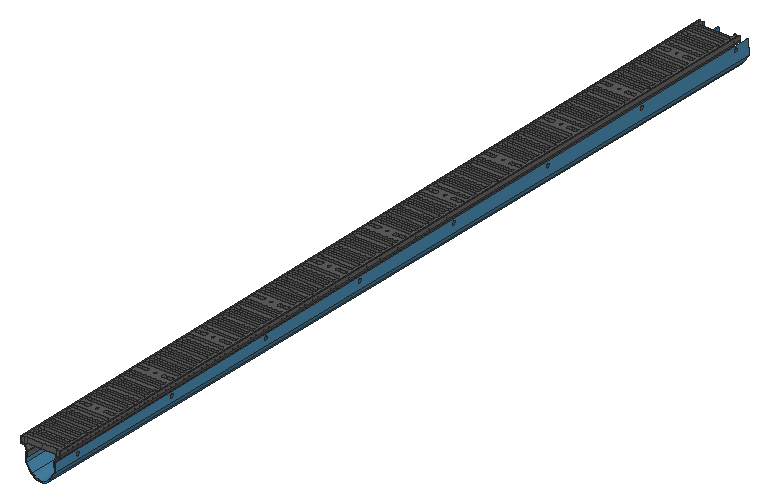
Revit family "Drain_Trench_Polymer_6-Inch_Wide_Reveal-Zurn-ZF806", category Plumbing Fixtures, Revit 2022
Family settings
  Round Connector Dimension = Use Diameter
  Part Type = Normal
  OmniClass Number = 23.70.50.21.24.14
  OmniClass Title = Deck Waste Water Drains
  Work Plane-Based = No
  Always vertical = Yes
  Cut with Voids When Loaded = No
  Maintain Annotation Orientation = No
  Shared = No
  Room Calculation Point = No
Parameters (values of type "Load Family Type Catalog")
  Width = 5.781"
  Waste Connection = 0 = 0  # yes
  WFU = 0  # constant formula
  Vent Connection = 0 = 1  # no
  URL = "www.zurn.com"
  Type Comments = "ZF806-120 x 4.75 x 5.65 (1002)"
  Shallow Invert Height = 4.750"
  Product data url = "https://www.bimobject.com/en/zurnindustries/product/zf806-fiber-reinforced-polymer-trench-drain-system"
  Product Page URL = "https://www.zurn.com/products/drainage-interceptors/trench-drain-systems/linear-trench-drain/chemical-processing/zf806"
  Product Installation Sheet = "https://www.zurn.com/media-library/web_documents/pdfs/installation/zmktg220-02-zf806-zf812-install-pdf"
  Product Documentation Link = "https://files.zurn.com/spec-sheets/zf806.pdf"
  Overlap length = 122.500"
  Modified Date = "04/04/25"  # constant formula
  Model = "ZF806"
  Manufacurer Brand = "Zurn"  # constant formula
  Manufacturer = "Zurn Water, LLC"  # constant formula
  Main Material = Polymer - Zurn - Fiber Reinforced Blue
  Inside Width = 4.000"
  Hardware Material = Ductile Iron-Zurn-Polished
  HWFU = 0  # constant formula
  HW Connection = 0 = 1  # no
  Grate Material = Ductile Iron-Zurn-Polished
  Frame Material = Ductile Iron-Zurn-Polished
  Flow = 146 GPM
  Description = "6 [159] WIDE REVEAL FIBER REINFORCED POLYMER TRENCH DRAIN SYSTEM"
  Default Elevation = 1.000"
  Deep Invert Height = 5.650"
  Date Created = "03/28/25"  # constant formula
  Channel length = 120.000"
  CWFU = 0  # constant formula
  CW Connection = 0 = 1  # no
  Assembly Code = "D2030300"
Reference planes (in)
  plane 1 "Center (Front/Back)": y = 0
  plane 2: z = 0
  plane 3 "Center (Left/Right)": x = 0
  plane 4: z = -18.4259
  plane 5: x = -2.8905
  plane 6: x = 2.8905
  plane 7: x = -2
  plane 8: x = 2
  plane 9: z = -1.74
  plane 10: z = -3.9
  plane 11: z = -5.65
  plane 12: y = 60
  plane 13: y = -62.5
  plane 14: y = 57.5
  plane 15: z = -4.75
  plane 16: x = -2.125
  plane 17: x = 2.125
  plane 18: z = -5.775
  plane 19: z = -3.86194
  plane 20: z = -5.0557
  plane 21: z = -4.98603
  plane 22: z = -4.15
  plane 23: z = -3
  plane 24: x = 2.125
  plane 25: x = -2.125
  plane 26: z = -5.775
  plane 27: z = -4.875
  plane 28: z = -2.96194
  plane 29: z = -4.14452
  plane 30: z = -4.21669
  plane 31: z = -3.2459
  plane 32: x = -2.7545
  plane 33: z = -0.886
  plane 34: z = -0.75
  plane 35: x = -1.8045
  plane 36: x = -1.9405
  plane 37: z = -2.33
  plane 38: z = -0.92321
  plane 39: z = -0.98069
  plane 40: z = -1.5151
  plane 41: z = -1.57257
  plane 42: through (-2.25949, -180, -0.59965) normal (0.9063, 0, 0.4226)
  plane 43: through (-2.41429, -180, -0.58947) normal (0.9063, 0, 0.4226)
  plane 44: x = 2.7545
  plane 45: z = -0.886
  plane 46: z = -0.75
  plane 47: x = 1.8045
  plane 48: x = 1.9405
  plane 49: z = -2.33
  plane 50: z = -0.92321
  plane 51: z = -0.98069
  plane 52: z = -1.5151
  plane 53: z = -1.57257
  plane 54: through (2.25949, -180, -0.59965) normal (0.9063, 0, -0.4226)
  plane 55: through (2.41429, -180, -0.58947) normal (0.9063, 0, -0.4226)
  plane 56: x = -2.681
  plane 57: x = 2.681
  plane 58: z = -0.75
  plane 59: y = -61.25
  plane 60: z = -2.085
  plane 61: x = 2.275
  plane 62: x = 1.587
  plane 63: x = 1.65
  plane 64: y = -58.53125
  plane 65: y = -58.96875
  plane 66: z = -1.96405
  plane 67: z = -2.21664
  plane 68: x = 2.125
  plane 69: y = -58.53125
  plane 70: y = -58.96875
  plane 71: z = -1.96405
  plane 72: z = -2.21664
  plane 73: x = 1.8045
  plane 74: x = -2.275
  plane 75: x = -1.587
  plane 76: x = -1.65
  plane 77: y = -58.53125
  plane 78: y = -58.96875
  plane 79: z = -1.96405
  plane 80: z = -2.21664
  plane 81: x = -2.125
  plane 82: y = -58.53125
  plane 83: y = -58.96875
  plane 84: z = -1.96405
  plane 85: z = -2.21664
  plane 86: x = -1.8045
  plane 87: y = 57.84375
  plane 88: y = 57.40625
  plane 89: z = -1.96405
  plane 90: z = -2.21664
  plane 91: y = 57.84375
  plane 92: y = 57.40625
  plane 93: z = -1.96405
  plane 94: z = -2.21664
  plane 95: y = 57.84375
  plane 96: y = 57.40625
  plane 97: z = -1.96405
  plane 98: z = -2.21664
  plane 99: y = -41.90625
  plane 100: y = -42.34375
  plane 101: z = -1.96405
  plane 102: z = -2.21664
  plane 103: y = -41.90625
  plane 104: y = -42.34375
  plane 105: z = -1.96405
  plane 106: z = -2.21664
  plane 107: y = -41.90625
  plane 108: y = -42.34375
  plane 109: z = -1.96405
  plane 110: z = -2.21664
  plane 111: y = -25.28125
  plane 112: y = -25.71875
  plane 113: z = -1.96405
  plane 114: z = -2.21664
  plane 115: y = -25.28125
  plane 116: y = -25.71875
  plane 117: z = -1.96405
  plane 118: z = -2.21664
  plane 119: y = -25.28125
  plane 120: y = -25.71875
  plane 121: z = -1.96405
  plane 122: z = -2.21664
  plane 123: y = -8.65625
  plane 124: y = -9.09375
  plane 125: z = -1.96405
  plane 126: z = -2.21664
  plane 127: y = -8.65625
  plane 128: y = -9.09375
  plane 129: z = -1.96405
  plane 130: z = -2.21664
  plane 131: y = -8.65625
  plane 132: y = -9.09375
  plane 133: z = -1.96405
  plane 134: z = -2.21664
  plane 135: y = 7.96875
  plane 136: y = 7.53125
  plane 137: z = -1.96405
  plane 138: z = -2.21664
  plane 139: y = 7.96875
  plane 140: y = 7.53125
  plane 141: z = -1.96405
  plane 142: z = -2.21664
  plane 143: y = 7.96875
  plane 144: y = 7.53125
  plane 145: z = -1.96405
  plane 146: z = -2.21664
  plane 147: y = 24.59375
  plane 148: y = 24.15625
  plane 149: z = -1.96405
  plane 150: z = -2.21664
  plane 151: y = 24.59375
  plane 152: y = 24.15625
  plane 153: z = -1.96405
  plane 154: z = -2.21664
  plane 155: y = 24.59375
  plane 156: y = 24.15625
  plane 157: z = -1.96405
  plane 158: z = -2.21664
  plane 159: y = 41.21875
  plane 160: y = 40.78125
  plane 161: z = -1.96405
  plane 162: z = -2.21664
  plane 163: y = 41.21875
  plane 164: y = 40.78125
  plane 165: z = -1.96405
  plane 166: z = -2.21664
  plane 167: y = 41.21875
  plane 168: y = 40.78125
  plane 169: z = -1.96405
  plane 170: z = -2.21664
  plane 171: y = 57.84375
  plane 172: y = 57.40625
  plane 173: z = -1.96405
  plane 174: z = -2.21664
  plane 175: y = -41.90625
  plane 176: y = -42.34375
  plane 177: z = -1.96405
  plane 178: z = -2.21664
  plane 179: y = -25.28125
  plane 180: y = -25.71875
  plane 181: z = -1.96405
  plane 182: z = -2.21664
  plane 183: y = -8.65625
  plane 184: y = -9.09375
  plane 185: z = -1.96405
  plane 186: z = -2.21664
  plane 187: y = 7.96875
  plane 188: y = 7.53125
  plane 189: z = -1.96405
  plane 190: z = -2.21664
  plane 191: y = 24.59375
  plane 192: y = 24.15625
  plane 193: z = -1.96405
  plane 194: z = -2.21664
  plane 195: y = 41.21875
  plane 196: y = 40.78125
  plane 197: z = -1.96405
  plane 198: z = -2.21664
  plane 199: z = -1.83775
  plane 200: z = -2.34293
Forms (in)
  Blend 1, solid, material "Polymer - Zurn - Fiber Reinforced Blue" <- "Main Material", detail levels fine
    base sketch origin (0, 0, 0) x (1, 0, 0) y (0, 0, 1)
      loop
        line (2.125, -1.74) -> (2, -1.74) -> (2, -3.86194) -> (1.24541, -4.98603)
        arc (1.24541, -4.98603) -> (0, -5.65) -> (-1.24541, -4.98603) r 1.5
        line (-1.24541, -4.98603) -> (-2, -3.86194) -> (-2, -1.74) -> (-2.125, -1.74) -> (-2.125, -3.9) -> (-1.3492, -5.0557)
        arc (-1.3492, -5.0557) -> (0, -5.775) -> (1.3492, -5.0557) r 1.625
        line (1.3492, -5.0557) -> (2.125, -3.9) -> (2.125, -1.74)
    top sketch origin (0, 0, 0) x (1, 0, 0) y (0, 0, 1)
      loop
        line (2.125, -1.74) -> (2, -1.74) -> (2, -2.96194) -> (1.20615, -4.14452)
        arc (1.20615, -4.14452) -> (0, -4.75) -> (-1.20615, -4.14452) r 1.5041
        line (-1.20615, -4.14452) -> (-2, -2.96194) -> (-2, -1.74) -> (-2.125, -1.74) -> (-2.125, -3) -> (-1.33458, -4.17747)
        arc (-1.33458, -4.17747) -> (0, -4.87346) -> (1.33458, -4.17747) r 1.62755
        line (1.33458, -4.17747) -> (2.125, -3) -> (2.125, -1.74)
    from -60 to 62.5
  Extrusion 2, solid, material "Ductile Iron-Zurn-Polished" <- "Frame Material", detail levels fine
    sketch origin (0, 0, 0) x (1, 0, 0) y (0, 0, 1)
      loop
        arc (-2.8905, -0.586) -> (-2.80263, -0.79813) -> (-2.5905, -0.886) r 0.3
        line (-2.5905, -0.886) -> (-2.3805, -0.886)
        arc (-2.3805, -0.886) -> (-2.29238, -0.91168) -> (-2.23187, -0.98069) r 0.164
        line (-2.23187, -0.98069) -> (-1.95587, -1.57257)
        arc (-1.95587, -1.57257) -> (-1.94439, -1.60639) -> (-1.9405, -1.64188) r 0.164
        line (-1.9405, -1.64188) -> (-1.9405, -2.33) -> (-1.8045, -2.33) -> (-1.8045, -1.64188)
        arc (-1.8045, -1.64188) -> (-1.81161, -1.57695) -> (-1.83261, -1.5151) r 0.3
        line (-1.83261, -1.5151) -> (-2.10861, -0.92321)
        arc (-2.10861, -0.92321) -> (-2.21931, -0.79698) -> (-2.3805, -0.75) r 0.3
        line (-2.3805, -0.75) -> (-2.5905, -0.75)
        arc (-2.5905, -0.75) -> (-2.70647, -0.70197) -> (-2.7545, -0.586) r 0.164
        line (-2.7545, -0.586) -> (-2.7545, 0) -> (-2.8905, 0) -> (-2.8905, -0.586)
    from -57.5 to 62.5
  Extrusion 3, solid, material "Ductile Iron-Zurn-Polished" <- "Frame Material", detail levels fine
    sketch origin (0, 0, 0) x (-1, 0, 0) y (0, 0, -1)
      loop
        line (-2.8905, 0.586) -> (-2.8905, 0) -> (-2.7545, 0) -> (-2.7545, 0.586)
        arc (-2.7545, 0.586) -> (-2.70647, 0.70197) -> (-2.5905, 0.75) r 0.164
        line (-2.5905, 0.75) -> (-2.3805, 0.75)
        arc (-2.3805, 0.75) -> (-2.21931, 0.79698) -> (-2.10861, 0.92321) r 0.3
        line (-2.10861, 0.92321) -> (-1.83261, 1.5151)
        arc (-1.83261, 1.5151) -> (-1.81161, 1.57695) -> (-1.8045, 1.64188) r 0.3
        line (-1.8045, 1.64188) -> (-1.8045, 2.33) -> (-1.9405, 2.33) -> (-1.9405, 1.64188)
        arc (-1.9405, 1.64188) -> (-1.94439, 1.60639) -> (-1.95587, 1.57257) r 0.164
        line (-1.95587, 1.57257) -> (-2.23187, 0.98069)
        arc (-2.23187, 0.98069) -> (-2.29238, 0.91168) -> (-2.3805, 0.886) r 0.164
        line (-2.3805, 0.886) -> (-2.5905, 0.886)
        arc (-2.5905, 0.886) -> (-2.80263, 0.79813) -> (-2.8905, 0.586) r 0.3
    from -57.5 to 62.5
  Extrusion 4, solid, material "Ductile Iron-Zurn-Polished" <- "Hardware Material", detail levels fine
    sketch origin (0, 1.375, 0) x (0, 1, 0) y (0, 0, 1)
      loop
        circle (-60.125, -2.085) r 0.125
    from 1.587 to 2.125
  Extrusion 5, solid, material "Ductile Iron-Zurn-Polished" <- "Hardware Material", detail levels fine
    sketch origin (0, 1.375, 0) x (0, 1, 0) y (0, 0, 1)
      loop
        line (-59.90625, -1.96405) -> (-60.125, -1.83775) -> (-60.34375, -1.96405) -> (-60.34375, -2.21664) -> (-60.125, -2.34293) -> (-59.90625, -2.21664) -> (-59.90625, -1.96405)
    from 2.125 to 2.275
  Extrusion 6, solid, material "Ductile Iron-Zurn-Polished" <- "Hardware Material", detail levels fine
    sketch origin (0, 1.375, 0) x (0, 1, 0) y (0, 0, 1)
      loop
        line (-59.90625, -1.96405) -> (-60.125, -1.83775) -> (-60.34375, -1.96405) -> (-60.34375, -2.21664) -> (-60.125, -2.34293) -> (-59.90625, -2.21664) -> (-59.90625, -1.96405)
    from 1.8045 to 1.65
  Extrusion 7, solid, material "Ductile Iron-Zurn-Polished" <- "Hardware Material", detail levels fine
    sketch origin (0, 1.375, 0) x (0, 1, 0) y (0, 0, -1)
      loop
        circle (-60.125, 2.085) r 0.125
    from 1.587 to 2.125
  Extrusion 8, solid, material "Ductile Iron-Zurn-Polished" <- "Hardware Material", detail levels fine
    sketch origin (0, 1.375, 0) x (0, 1, 0) y (0, 0, -1)
      loop
        line (-59.90625, 1.96405) -> (-59.90625, 2.21664) -> (-60.125, 2.34293) -> (-60.34375, 2.21664) -> (-60.34375, 1.96405) -> (-60.125, 1.83775) -> (-59.90625, 1.96405)
    from 2.125 to 2.275
  Extrusion 9, solid, material "Ductile Iron-Zurn-Polished" <- "Hardware Material", detail levels fine
    sketch origin (0, 1.375, 0) x (0, 1, 0) y (0, 0, -1)
      loop
        line (-59.90625, 1.96405) -> (-59.90625, 2.21664) -> (-60.125, 2.34293) -> (-60.34375, 2.21664) -> (-60.34375, 1.96405) -> (-60.125, 1.83775) -> (-59.90625, 1.96405)
    from 1.8045 to 1.65
  Extrusion 10, solid, material "Ductile Iron-Zurn-Polished" <- "Hardware Material", detail levels fine
    sketch origin (0, 117.75, 0) x (0, 1, 0) y (0, 0, 1)
      loop
        circle (-60.125, -2.085) r 0.125
    from 1.587 to 2.125
  Extrusion 11, solid, material "Ductile Iron-Zurn-Polished" <- "Hardware Material", detail levels fine
    sketch origin (0, 117.75, 0) x (0, 1, 0) y (0, 0, 1)
      loop
        line (-59.90625, -1.96405) -> (-60.125, -1.83775) -> (-60.34375, -1.96405) -> (-60.34375, -2.21664) -> (-60.125, -2.34293) -> (-59.90625, -2.21664) -> (-59.90625, -1.96405)
    from 1.8045 to 1.65
  Extrusion 12, solid, material "Ductile Iron-Zurn-Polished" <- "Hardware Material", detail levels fine
    sketch origin (0, 117.75, 0) x (0, 1, 0) y (0, 0, -1)
      loop
        circle (-60.125, 2.085) r 0.125
    from 1.587 to 2.125
  Extrusion 13, solid, material "Ductile Iron-Zurn-Polished" <- "Hardware Material", detail levels fine
    sketch origin (0, 117.75, 0) x (0, 1, 0) y (0, 0, -1)
      loop
        line (-59.90625, 1.96405) -> (-59.90625, 2.21664) -> (-60.125, 2.34293) -> (-60.34375, 2.21664) -> (-60.34375, 1.96405) -> (-60.125, 1.83775) -> (-59.90625, 1.96405)
    from 2.125 to 2.275
  Extrusion 14, solid, material "Ductile Iron-Zurn-Polished" <- "Hardware Material", detail levels fine
    sketch origin (0, 117.75, 0) x (0, 1, 0) y (0, 0, -1)
      loop
        line (-59.90625, 1.96405) -> (-59.90625, 2.21664) -> (-60.125, 2.34293) -> (-60.34375, 2.21664) -> (-60.34375, 1.96405) -> (-60.125, 1.83775) -> (-59.90625, 1.96405)
    from 1.8045 to 1.65
  Extrusion 15, solid, material "Ductile Iron-Zurn-Polished" <- "Hardware Material", detail levels fine
    sketch origin (0, 18, 0) x (0, 1, 0) y (0, 0, 1)
      loop
        circle (-60.125, -2.085) r 0.125
    from 1.587 to 2.125
  Extrusion 16, solid, material "Ductile Iron-Zurn-Polished" <- "Hardware Material", detail levels fine
    sketch origin (0, 18, 0) x (0, 1, 0) y (0, 0, 1)
      loop
        line (-59.90625, -1.96405) -> (-60.125, -1.83775) -> (-60.34375, -1.96405) -> (-60.34375, -2.21664) -> (-60.125, -2.34293) -> (-59.90625, -2.21664) -> (-59.90625, -1.96405)
    from 1.8045 to 1.65
  Extrusion 17, solid, material "Ductile Iron-Zurn-Polished" <- "Hardware Material", detail levels fine
    sketch origin (0, 18, 0) x (0, 1, 0) y (0, 0, -1)
      loop
        circle (-60.125, 2.085) r 0.125
    from 1.587 to 2.125
  Extrusion 18, solid, material "Ductile Iron-Zurn-Polished" <- "Hardware Material", detail levels fine
    sketch origin (0, 18, 0) x (0, 1, 0) y (0, 0, -1)
      loop
        line (-59.90625, 1.96405) -> (-59.90625, 2.21664) -> (-60.125, 2.34293) -> (-60.34375, 2.21664) -> (-60.34375, 1.96405) -> (-60.125, 1.83775) -> (-59.90625, 1.96405)
    from 2.125 to 2.275
  Extrusion 19, solid, material "Ductile Iron-Zurn-Polished" <- "Hardware Material", detail levels fine
    sketch origin (0, 18, 0) x (0, 1, 0) y (0, 0, -1)
      loop
        line (-59.90625, 1.96405) -> (-59.90625, 2.21664) -> (-60.125, 2.34293) -> (-60.34375, 2.21664) -> (-60.34375, 1.96405) -> (-60.125, 1.83775) -> (-59.90625, 1.96405)
    from 1.8045 to 1.65
  Extrusion 20, solid, material "Ductile Iron-Zurn-Polished" <- "Hardware Material", detail levels fine
    sketch origin (0, 34.625, 0) x (0, 1, 0) y (0, 0, 1)
      loop
        circle (-60.125, -2.085) r 0.125
    from 1.587 to 2.125
  Extrusion 21, solid, material "Ductile Iron-Zurn-Polished" <- "Hardware Material", detail levels fine
    sketch origin (0, 34.625, 0) x (0, 1, 0) y (0, 0, 1)
      loop
        line (-59.90625, -1.96405) -> (-60.125, -1.83775) -> (-60.34375, -1.96405) -> (-60.34375, -2.21664) -> (-60.125, -2.34293) -> (-59.90625, -2.21664) -> (-59.90625, -1.96405)
    from 1.8045 to 1.65
  Extrusion 22, solid, material "Ductile Iron-Zurn-Polished" <- "Hardware Material", detail levels fine
    sketch origin (0, 34.625, 0) x (0, 1, 0) y (0, 0, -1)
      loop
        circle (-60.125, 2.085) r 0.125
    from 1.587 to 2.125
  Extrusion 23, solid, material "Ductile Iron-Zurn-Polished" <- "Hardware Material", detail levels fine
    sketch origin (0, 34.625, 0) x (0, 1, 0) y (0, 0, -1)
      loop
        line (-59.90625, 1.96405) -> (-59.90625, 2.21664) -> (-60.125, 2.34293) -> (-60.34375, 2.21664) -> (-60.34375, 1.96405) -> (-60.125, 1.83775) -> (-59.90625, 1.96405)
    from 2.125 to 2.275
  Extrusion 24, solid, material "Ductile Iron-Zurn-Polished" <- "Hardware Material", detail levels fine
    sketch origin (0, 34.625, 0) x (0, 1, 0) y (0, 0, -1)
      loop
        line (-59.90625, 1.96405) -> (-59.90625, 2.21664) -> (-60.125, 2.34293) -> (-60.34375, 2.21664) -> (-60.34375, 1.96405) -> (-60.125, 1.83775) -> (-59.90625, 1.96405)
    from 1.8045 to 1.65
  Extrusion 25, solid, material "Ductile Iron-Zurn-Polished" <- "Hardware Material", detail levels fine
    sketch origin (0, 51.25, 0) x (0, 1, 0) y (0, 0, 1)
      loop
        circle (-60.125, -2.085) r 0.125
    from 1.587 to 2.125
  Extrusion 26, solid, material "Ductile Iron-Zurn-Polished" <- "Hardware Material", detail levels fine
    sketch origin (0, 51.25, 0) x (0, 1, 0) y (0, 0, 1)
      loop
        line (-59.90625, -1.96405) -> (-60.125, -1.83775) -> (-60.34375, -1.96405) -> (-60.34375, -2.21664) -> (-60.125, -2.34293) -> (-59.90625, -2.21664) -> (-59.90625, -1.96405)
    from 1.8045 to 1.65
  Extrusion 27, solid, material "Ductile Iron-Zurn-Polished" <- "Hardware Material", detail levels fine
    sketch origin (0, 51.25, 0) x (0, 1, 0) y (0, 0, -1)
      loop
        circle (-60.125, 2.085) r 0.125
    from 1.587 to 2.125
  Extrusion 28, solid, material "Ductile Iron-Zurn-Polished" <- "Hardware Material", detail levels fine
    sketch origin (0, 51.25, 0) x (0, 1, 0) y (0, 0, -1)
      loop
        line (-59.90625, 1.96405) -> (-59.90625, 2.21664) -> (-60.125, 2.34293) -> (-60.34375, 2.21664) -> (-60.34375, 1.96405) -> (-60.125, 1.83775) -> (-59.90625, 1.96405)
    from 2.125 to 2.275
  Extrusion 29, solid, material "Ductile Iron-Zurn-Polished" <- "Hardware Material", detail levels fine
    sketch origin (0, 51.25, 0) x (0, 1, 0) y (0, 0, -1)
      loop
        line (-59.90625, 1.96405) -> (-59.90625, 2.21664) -> (-60.125, 2.34293) -> (-60.34375, 2.21664) -> (-60.34375, 1.96405) -> (-60.125, 1.83775) -> (-59.90625, 1.96405)
    from 1.8045 to 1.65
  Extrusion 30, solid, material "Ductile Iron-Zurn-Polished" <- "Hardware Material", detail levels fine
    sketch origin (0, 67.875, 0) x (0, 1, 0) y (0, 0, 1)
      loop
        circle (-60.125, -2.085) r 0.125
    from 1.587 to 2.125
  Extrusion 31, solid, material "Ductile Iron-Zurn-Polished" <- "Hardware Material", detail levels fine
    sketch origin (0, 67.875, 0) x (0, 1, 0) y (0, 0, 1)
      loop
        line (-59.90625, -1.96405) -> (-60.125, -1.83775) -> (-60.34375, -1.96405) -> (-60.34375, -2.21664) -> (-60.125, -2.34293) -> (-59.90625, -2.21664) -> (-59.90625, -1.96405)
    from 1.8045 to 1.65
  Extrusion 32, solid, material "Ductile Iron-Zurn-Polished" <- "Hardware Material", detail levels fine
    sketch origin (0, 67.875, 0) x (0, 1, 0) y (0, 0, -1)
      loop
        circle (-60.125, 2.085) r 0.125
    from 1.587 to 2.125
  Extrusion 33, solid, material "Ductile Iron-Zurn-Polished" <- "Hardware Material", detail levels fine
    sketch origin (0, 67.875, 0) x (0, 1, 0) y (0, 0, -1)
      loop
        line (-59.90625, 1.96405) -> (-59.90625, 2.21664) -> (-60.125, 2.34293) -> (-60.34375, 2.21664) -> (-60.34375, 1.96405) -> (-60.125, 1.83775) -> (-59.90625, 1.96405)
    from 2.125 to 2.275
  Extrusion 34, solid, material "Ductile Iron-Zurn-Polished" <- "Hardware Material", detail levels fine
    sketch origin (0, 67.875, 0) x (0, 1, 0) y (0, 0, -1)
      loop
        line (-59.90625, 1.96405) -> (-59.90625, 2.21664) -> (-60.125, 2.34293) -> (-60.34375, 2.21664) -> (-60.34375, 1.96405) -> (-60.125, 1.83775) -> (-59.90625, 1.96405)
    from 1.8045 to 1.65
  Extrusion 35, solid, material "Ductile Iron-Zurn-Polished" <- "Hardware Material", detail levels fine
    sketch origin (0, 84.5, 0) x (0, 1, 0) y (0, 0, 1)
      loop
        circle (-60.125, -2.085) r 0.125
    from 1.587 to 2.125
  Extrusion 36, solid, material "Ductile Iron-Zurn-Polished" <- "Hardware Material", detail levels fine
    sketch origin (0, 84.5, 0) x (0, 1, 0) y (0, 0, 1)
      loop
        line (-59.90625, -1.96405) -> (-60.125, -1.83775) -> (-60.34375, -1.96405) -> (-60.34375, -2.21664) -> (-60.125, -2.34293) -> (-59.90625, -2.21664) -> (-59.90625, -1.96405)
    from 1.8045 to 1.65
  Extrusion 37, solid, material "Ductile Iron-Zurn-Polished" <- "Hardware Material", detail levels fine
    sketch origin (0, 84.5, 0) x (0, 1, 0) y (0, 0, -1)
      loop
        circle (-60.125, 2.085) r 0.125
    from 1.587 to 2.125
  Extrusion 38, solid, material "Ductile Iron-Zurn-Polished" <- "Hardware Material", detail levels fine
    sketch origin (0, 84.5, 0) x (0, 1, 0) y (0, 0, -1)
      loop
        line (-59.90625, 1.96405) -> (-59.90625, 2.21664) -> (-60.125, 2.34293) -> (-60.34375, 2.21664) -> (-60.34375, 1.96405) -> (-60.125, 1.83775) -> (-59.90625, 1.96405)
    from 2.125 to 2.275
  Extrusion 39, solid, material "Ductile Iron-Zurn-Polished" <- "Hardware Material", detail levels fine
    sketch origin (0, 84.5, 0) x (0, 1, 0) y (0, 0, -1)
      loop
        line (-59.90625, 1.96405) -> (-59.90625, 2.21664) -> (-60.125, 2.34293) -> (-60.34375, 2.21664) -> (-60.34375, 1.96405) -> (-60.125, 1.83775) -> (-59.90625, 1.96405)
    from 1.8045 to 1.65
  Extrusion 40, solid, material "Ductile Iron-Zurn-Polished" <- "Hardware Material", detail levels fine
    sketch origin (0, 101.125, 0) x (0, 1, 0) y (0, 0, 1)
      loop
        circle (-60.125, -2.085) r 0.125
    from 1.587 to 2.125
  Extrusion 41, solid, material "Ductile Iron-Zurn-Polished" <- "Hardware Material", detail levels fine
    sketch origin (0, 101.125, 0) x (0, 1, 0) y (0, 0, 1)
      loop
        line (-59.90625, -1.96405) -> (-60.125, -1.83775) -> (-60.34375, -1.96405) -> (-60.34375, -2.21664) -> (-60.125, -2.34293) -> (-59.90625, -2.21664) -> (-59.90625, -1.96405)
    from 1.8045 to 1.65
  Extrusion 42, solid, material "Ductile Iron-Zurn-Polished" <- "Hardware Material", detail levels fine
    sketch origin (0, 101.125, 0) x (0, 1, 0) y (0, 0, -1)
      loop
        circle (-60.125, 2.085) r 0.125
    from 1.587 to 2.125
  Extrusion 43, solid, material "Ductile Iron-Zurn-Polished" <- "Hardware Material", detail levels fine
    sketch origin (0, 101.125, 0) x (0, 1, 0) y (0, 0, -1)
      loop
        line (-59.90625, 1.96405) -> (-59.90625, 2.21664) -> (-60.125, 2.34293) -> (-60.34375, 2.21664) -> (-60.34375, 1.96405) -> (-60.125, 1.83775) -> (-59.90625, 1.96405)
    from 2.125 to 2.275
  Extrusion 44, solid, material "Ductile Iron-Zurn-Polished" <- "Hardware Material", detail levels fine
    sketch origin (0, 101.125, 0) x (0, 1, 0) y (0, 0, -1)
      loop
        line (-59.90625, 1.96405) -> (-59.90625, 2.21664) -> (-60.125, 2.34293) -> (-60.34375, 2.21664) -> (-60.34375, 1.96405) -> (-60.125, 1.83775) -> (-59.90625, 1.96405)
    from 1.8045 to 1.65
  Extrusion 45, solid, material "Ductile Iron-Zurn-Polished" <- "Hardware Material", detail levels fine
    sketch origin (0, 117.75, 0) x (0, 1, 0) y (0, 0, 1)
      loop
        line (-59.90625, -1.96405) -> (-60.125, -1.83775) -> (-60.34375, -1.96405) -> (-60.34375, -2.21664) -> (-60.125, -2.34293) -> (-59.90625, -2.21664) -> (-59.90625, -1.96405)
    from 2.125 to 2.275
  Extrusion 46, solid, material "Ductile Iron-Zurn-Polished" <- "Hardware Material", detail levels fine
    sketch origin (0, 18, 0) x (0, 1, 0) y (0, 0, 1)
      loop
        line (-59.90625, -1.96405) -> (-60.125, -1.83775) -> (-60.34375, -1.96405) -> (-60.34375, -2.21664) -> (-60.125, -2.34293) -> (-59.90625, -2.21664) -> (-59.90625, -1.96405)
    from 2.125 to 2.275
  Extrusion 47, solid, material "Ductile Iron-Zurn-Polished" <- "Hardware Material", detail levels fine
    sketch origin (0, 34.625, 0) x (0, 1, 0) y (0, 0, 1)
      loop
        line (-59.90625, -1.96405) -> (-60.125, -1.83775) -> (-60.34375, -1.96405) -> (-60.34375, -2.21664) -> (-60.125, -2.34293) -> (-59.90625, -2.21664) -> (-59.90625, -1.96405)
    from 2.125 to 2.275
  Extrusion 48, solid, material "Ductile Iron-Zurn-Polished" <- "Hardware Material", detail levels fine
    sketch origin (0, 51.25, 0) x (0, 1, 0) y (0, 0, 1)
      loop
        line (-59.90625, -1.96405) -> (-60.125, -1.83775) -> (-60.34375, -1.96405) -> (-60.34375, -2.21664) -> (-60.125, -2.34293) -> (-59.90625, -2.21664) -> (-59.90625, -1.96405)
    from 2.125 to 2.275
  Extrusion 49, solid, material "Ductile Iron-Zurn-Polished" <- "Hardware Material", detail levels fine
    sketch origin (0, 67.875, 0) x (0, 1, 0) y (0, 0, 1)
      loop
        line (-59.90625, -1.96405) -> (-60.125, -1.83775) -> (-60.34375, -1.96405) -> (-60.34375, -2.21664) -> (-60.125, -2.34293) -> (-59.90625, -2.21664) -> (-59.90625, -1.96405)
    from 2.125 to 2.275
  Extrusion 50, solid, material "Ductile Iron-Zurn-Polished" <- "Hardware Material", detail levels fine
    sketch origin (0, 84.5, 0) x (0, 1, 0) y (0, 0, 1)
      loop
        line (-59.90625, -1.96405) -> (-60.125, -1.83775) -> (-60.34375, -1.96405) -> (-60.34375, -2.21664) -> (-60.125, -2.34293) -> (-59.90625, -2.21664) -> (-59.90625, -1.96405)
    from 2.125 to 2.275
  Extrusion 51, solid, material "Ductile Iron-Zurn-Polished" <- "Hardware Material", detail levels fine
    sketch origin (0, 101.125, 0) x (0, 1, 0) y (0, 0, 1)
      loop
        line (-59.90625, -1.96405) -> (-60.125, -1.83775) -> (-60.34375, -1.96405) -> (-60.34375, -2.21664) -> (-60.125, -2.34293) -> (-59.90625, -2.21664) -> (-59.90625, -1.96405)
    from 2.125 to 2.275
Lines and regions (in)
  Masking region 1, detail levels fine
    outline origin (-16.40032, -180, -5.65) x (-1, 0, 0) y (0, -1, 0)
      loop
        line (-13.50982, -240) -> (-13.50982, -117.5) -> (-19.29082, -117.5) -> (-19.29082, -240) -> (-13.50982, -240)
  model lines, detail levels coarse+medium
    curve 1: line (0, -62.5, 0) -> (0, -62.5, -5.65)
    curve 8: line (-2.8905, -62.5, 0) -> (2.8905, -62.5, 0)
    curve 9: line (2.8905, -62.5, 0) -> (2.8905, 57.5, 0)
    curve 10: line (-2.8905, 57.5, 0) -> (-2.8905, -62.5, 0)
    curve 11: line (-2.8905, 57.5, 0) -> (2.8905, 57.5, 0)
    curve 16: line (0, 57.5, -5.65) -> (0, -62.5, -5.65)
    curve 17: line (0, 57.5, 0) -> (0, 57.5, -5.65)
  symbolic lines, detail levels coarse+medium
    curve 2: line (-2.8905, 0, 0) -> (2.8905, 0, 0)
    curve 3: line (0, 0, 0) -> (0, 0, -5.775)
    curve 4: line (-2.8905, 60, -5.65) -> (-2.8905, -62.5, -5.65)
    curve 5: line (2.8905, -62.5, -5.65) -> (2.8905, 60, -5.65)
    curve 6: line (-2.8905, -62.5, -5.65) -> (2.8905, -62.5, -5.65)
    curve 7: line (-2.8905, 60, -5.65) -> (2.8905, 60, -5.65)
    curve 12: line (0, -62.5, 0) -> (0, 57.5, 0)
    curve 13: line (0, -62.5, -5.65) -> (0, 57.5, -5.65)
    curve 14: line (0, -62.5, 0) -> (0, -62.5, -5.65)
    curve 15: line (-2.8905, 57.5, -5.65) -> (2.8905, 57.5, -5.65)
    curve 18: line (0, 57.5, 0) -> (0, 57.5, -5.65)
Dimensions and locks (in)
  equal spacing: plane 6, plane 3 "Center (Left/Right)", plane 5
  "Width": plane 6 to plane 5
  equal spacing: plane 8, plane 3 "Center (Left/Right)", plane 7
  "Inside Width": plane 8 to plane 7
  locked: level to plane 9 at 1.74
  plane 9 to plane 10 = 2.160"
  locked: plane 10 to plane 11 at 1.75
  plane 12 to plane 1 "Center (Front/Back)" to plane 13 = 60.000", 62.500"
  "Overlap length": plane 12 to plane 13
  locked: plane 11 to plane 18 at 0.125
  locked: plane 17 to plane 8 at 0.125
  locked: plane 7 to plane 16 at 0.125
  plane 9 to plane 23 = 1.260"
  locked: plane 7 to plane 25 at 0.125
  locked: plane 24 to plane 8 at 0.125
  locked: plane 11 to plane 26 at 0.125
  locked: plane 15 to plane 27 at 0.125
  plane 22 to plane 18 = 1.625"
  "Deep Invert Height": level to plane 11
  "Shallow Invert Height": level to plane 15
  plane 31 to plane 27 = 1.6291"
  locked: plane 31 to plane 15 at 1.5041
  locked: plane 30 to plane 27 at 0.65831
  locked: plane 29 to plane 15 at 0.60548
  locked: plane 22 to plane 11 at 1.5
  locked: plane 20 to plane 18 at 0.7193
  locked: plane 21 to plane 11 at 0.66397
  locked: plane 23 to plane 27 at 1.875
  locked: plane 28 to plane 15 at 1.78806
  plane 10 to plane 18 = 1.875"
  locked: plane 19 to plane 11 at 1.78806
  plane 9 to plane 19 = 2.12194"
  locked: plane 32 to plane 5 at 0.136
  locked: plane 6 to plane 44 at 0.136
  plane 12 to plane 13 = 122.500"
  equal spacing: plane 57, plane 3 "Center (Left/Right)", plane 56
  plane 57 to plane 56 = 5.362"
  locked: level to plane 58 at 0.75
  "Channel length": plane 14 to plane 13
  locked: plane 13 to plane 59 at 1.25
  level to plane 60 = 2.085"
  locked: plane 8 to plane 62 at 0.413
  locked: plane 61 to plane 8 at 0.275
  locked: plane 8 to plane 63 at 0.35
  plane 61 to plane 68 = 0.150"
  locked: plane 7 to plane 75 at 0.413
  locked: plane 74 to plane 7 at 0.275
  locked: plane 7 to plane 76 at 0.35
  plane 74 to plane 81 = 0.150"
  equal spacing: group 1, group 3, group 4, group 5, group 6, group 7, group 8, group 2  (x3)
  aligned and locked: plane 2 to level
  aligned and locked: Blend 1 sketch curve to plane 16
  aligned and locked: Blend 1 sketch curve to plane 7  (x2)
  aligned and locked: plane 10 to Blend 1 sketch curve  (x2)
  aligned and locked: Blend 1 sketch curve to plane 8
  aligned and locked: plane 9 to Blend 1 sketch curve  (x4)
  aligned and locked: plane 19 to Blend 1 sketch curve  (x2)
  aligned and locked: plane 21 to Blend 1 sketch curve
  aligned and locked: plane 20 to Blend 1 sketch curve
  aligned and locked: plane 3 "Center (Left/Right)" to Blend 1 sketch curve  (x3)
  aligned and locked: plane 22 to Blend 1 sketch curve  (x2)
  aligned and locked: plane 12 to Blend 1
  aligned and locked: Blend 1 to plane 13
  aligned and locked: Blend 1 sketch curve to plane 25
  aligned and locked: Blend 1 sketch curve to plane 24
  aligned and locked: plane 23 to Blend 1 sketch curve  (x2)
  aligned and locked: Blend 1 sketch curve to Blend 1 sketch curve
  aligned and locked: plane 8 to Blend 1 sketch curve
  aligned and locked: plane 28 to Blend 1 sketch curve  (x2)
  aligned and locked: plane 29 to Blend 1 sketch curve  (x2)
  aligned and locked: plane 31 to Blend 1 sketch curve  (x2)
  aligned and locked: Extrusion 2 sketch curve to plane 5
  aligned and locked: level to Extrusion 2 sketch curve
  aligned and locked: plane 33 to Extrusion 2 sketch curve  (x2)
  aligned and locked: plane 34 to Extrusion 2 sketch curve  (x2)
  aligned and locked: plane 32 to Extrusion 2 sketch curve
  aligned and locked: plane 5 to Extrusion 2 sketch curve
  aligned and locked: plane 35 to Extrusion 2 sketch curve  (x2)
  aligned and locked: plane 36 to Extrusion 2 sketch curve
  aligned and locked: Extrusion 2 sketch curve to plane 37
  aligned and locked: plane 37 to Extrusion 2 sketch curve
  aligned and locked: plane 38 to Extrusion 2 sketch curve
  aligned and locked: plane 39 to Extrusion 2 sketch curve
  aligned and locked: plane 40 to Extrusion 2 sketch curve
  aligned and locked: plane 41 to Extrusion 2 sketch curve
  aligned and locked: plane 42 to Extrusion 2 sketch curve
  aligned and locked: plane 43 to Extrusion 2 sketch curve
  aligned and locked: Extrusion 3 sketch curve to plane 45  (x2)
  aligned and locked: Extrusion 3 sketch curve to plane 46  (x2)
  aligned and locked: plane 44 to Extrusion 3 sketch curve
  aligned and locked: plane 47 to Extrusion 3 sketch curve  (x2)
  aligned and locked: plane 48 to Extrusion 3 sketch curve
  aligned and locked: plane 49 to Extrusion 3 sketch curve
  aligned and locked: Extrusion 3 sketch curve to plane 49
  aligned and locked: Extrusion 3 sketch curve to plane 50
  aligned and locked: Extrusion 3 sketch curve to plane 51
  aligned and locked: Extrusion 3 sketch curve to plane 52
  aligned and locked: Extrusion 3 sketch curve to plane 53
  aligned and locked: plane 54 to Extrusion 3 sketch curve
  aligned and locked: plane 55 to Extrusion 3 sketch curve
  aligned and locked: Extrusion 3 sketch curve to plane 6
  aligned and locked: Extrusion 3 sketch curve to level
  aligned and locked: plane 14 to Extrusion 3
  aligned and locked: Extrusion 3 to plane 13
  aligned and locked: plane 14 to Extrusion 2
  aligned and locked: Extrusion 2 to plane 13
  aligned and locked: Extrusion 3 to Extrusion 2
  aligned and locked: plane 65 to Extrusion 5 sketch curve
  aligned and locked: plane 64 to Extrusion 5 sketch curve
  aligned and locked: plane 66 to Extrusion 5 sketch curve  (x2)
  aligned and locked: plane 67 to Extrusion 5 sketch curve  (x2)
  aligned and locked: Blend 1 to plane 68
  aligned and locked: Extrusion 5 to plane 68
  aligned and locked: plane 70 to Extrusion 6 sketch curve  (x2)
  aligned and locked: plane 69 to Extrusion 6 sketch curve  (x2)
  aligned and locked: plane 71 to Extrusion 6 sketch curve  (x2)
  aligned and locked: plane 72 to Extrusion 6 sketch curve
  aligned and locked: plane 73 to Extrusion 3
  aligned and locked: plane 73 to Extrusion 6
  aligned and locked: plane 78 to Extrusion 8 sketch curve
  aligned and locked: plane 77 to Extrusion 8 sketch curve
  aligned and locked: Extrusion 8 sketch curve to plane 79  (x2)
  aligned and locked: Extrusion 8 sketch curve to plane 80  (x2)
  aligned and locked: plane 81 to Extrusion 8
  aligned and locked: plane 83 to Extrusion 8
  aligned and locked: plane 82 to Extrusion 8
  aligned and locked: plane 83 to Extrusion 9 sketch curve  (x2)
  aligned and locked: plane 82 to Extrusion 9 sketch curve  (x2)
  aligned and locked: Extrusion 9 sketch curve to plane 84  (x2)
  aligned and locked: Extrusion 9 sketch curve to plane 85
  aligned and locked: Extrusion 9 to plane 86
  aligned and locked: plane 88 to Extrusion 11 sketch curve  (x2)
  aligned and locked: plane 87 to Extrusion 11 sketch curve  (x2)
  aligned and locked: plane 89 to Extrusion 11 sketch curve  (x2)
  aligned and locked: plane 90 to Extrusion 11 sketch curve
  aligned and locked: plane 92 to Extrusion 13 sketch curve
  aligned and locked: plane 91 to Extrusion 13 sketch curve
  aligned and locked: Extrusion 13 sketch curve to plane 93  (x2)
  aligned and locked: Extrusion 13 sketch curve to plane 94  (x2)
  aligned and locked: plane 96 to Extrusion 13
  aligned and locked: plane 95 to Extrusion 13
  aligned and locked: plane 96 to Extrusion 14 sketch curve  (x2)
  aligned and locked: plane 95 to Extrusion 14 sketch curve  (x2)
  aligned and locked: Extrusion 14 sketch curve to plane 97  (x2)
  aligned and locked: Extrusion 14 sketch curve to plane 98
  aligned and locked: plane 100 to Extrusion 16 sketch curve  (x2)
  aligned and locked: plane 99 to Extrusion 16 sketch curve  (x2)
  aligned and locked: plane 101 to Extrusion 16 sketch curve  (x2)
  aligned and locked: plane 102 to Extrusion 16 sketch curve
  aligned and locked: plane 104 to Extrusion 18 sketch curve
  aligned and locked: plane 103 to Extrusion 18 sketch curve
  aligned and locked: Extrusion 18 sketch curve to plane 105  (x2)
  aligned and locked: Extrusion 18 sketch curve to plane 106  (x2)
  aligned and locked: plane 108 to Extrusion 18
  aligned and locked: plane 107 to Extrusion 18
  aligned and locked: plane 108 to Extrusion 19 sketch curve  (x2)
  aligned and locked: plane 107 to Extrusion 19 sketch curve  (x2)
  aligned and locked: Extrusion 19 sketch curve to plane 109  (x2)
  aligned and locked: Extrusion 19 sketch curve to plane 110
  aligned and locked: plane 112 to Extrusion 21 sketch curve  (x2)
  aligned and locked: plane 111 to Extrusion 21 sketch curve  (x2)
  aligned and locked: plane 113 to Extrusion 21 sketch curve  (x2)
  aligned and locked: plane 114 to Extrusion 21 sketch curve
  aligned and locked: plane 116 to Extrusion 23 sketch curve
  aligned and locked: plane 115 to Extrusion 23 sketch curve
  aligned and locked: Extrusion 23 sketch curve to plane 117  (x2)
  aligned and locked: Extrusion 23 sketch curve to plane 118  (x2)
  aligned and locked: plane 120 to Extrusion 23
  aligned and locked: plane 119 to Extrusion 23
  aligned and locked: plane 120 to Extrusion 24 sketch curve  (x2)
  aligned and locked: plane 119 to Extrusion 24 sketch curve  (x2)
  aligned and locked: Extrusion 24 sketch curve to plane 121  (x2)
  aligned and locked: Extrusion 24 sketch curve to plane 122
  aligned and locked: plane 124 to Extrusion 26 sketch curve  (x2)
  aligned and locked: plane 123 to Extrusion 26 sketch curve  (x2)
  aligned and locked: plane 125 to Extrusion 26 sketch curve  (x2)
  aligned and locked: plane 126 to Extrusion 26 sketch curve
  aligned and locked: plane 128 to Extrusion 28 sketch curve
  aligned and locked: plane 127 to Extrusion 28 sketch curve
  aligned and locked: Extrusion 28 sketch curve to plane 129  (x2)
  aligned and locked: Extrusion 28 sketch curve to plane 130  (x2)
  aligned and locked: plane 132 to Extrusion 28
  aligned and locked: plane 131 to Extrusion 28
  aligned and locked: plane 132 to Extrusion 29 sketch curve  (x2)
  aligned and locked: plane 131 to Extrusion 29 sketch curve  (x2)
  aligned and locked: Extrusion 29 sketch curve to plane 133  (x2)
  aligned and locked: Extrusion 29 sketch curve to plane 134
  aligned and locked: plane 136 to Extrusion 31 sketch curve  (x2)
  aligned and locked: plane 135 to Extrusion 31 sketch curve  (x2)
  aligned and locked: plane 137 to Extrusion 31 sketch curve  (x2)
  aligned and locked: plane 138 to Extrusion 31 sketch curve
  aligned and locked: plane 140 to Extrusion 33 sketch curve
  aligned and locked: plane 139 to Extrusion 33 sketch curve
  aligned and locked: Extrusion 33 sketch curve to plane 141  (x2)
  aligned and locked: Extrusion 33 sketch curve to plane 142  (x2)
  aligned and locked: plane 144 to Extrusion 33
  aligned and locked: plane 143 to Extrusion 33
  aligned and locked: plane 144 to Extrusion 34 sketch curve  (x2)
  aligned and locked: plane 143 to Extrusion 34 sketch curve  (x2)
  aligned and locked: Extrusion 34 sketch curve to plane 145  (x2)
  aligned and locked: Extrusion 34 sketch curve to plane 146
  aligned and locked: plane 148 to Extrusion 36 sketch curve  (x2)
  aligned and locked: plane 147 to Extrusion 36 sketch curve  (x2)
  aligned and locked: plane 149 to Extrusion 36 sketch curve  (x2)
  aligned and locked: plane 150 to Extrusion 36 sketch curve
  aligned and locked: plane 152 to Extrusion 38 sketch curve
  aligned and locked: plane 151 to Extrusion 38 sketch curve
  aligned and locked: Extrusion 38 sketch curve to plane 153  (x2)
  aligned and locked: Extrusion 38 sketch curve to plane 154  (x2)
  aligned and locked: plane 156 to Extrusion 38
  aligned and locked: plane 155 to Extrusion 38
  aligned and locked: plane 156 to Extrusion 39 sketch curve  (x2)
  aligned and locked: plane 155 to Extrusion 39 sketch curve  (x2)
  aligned and locked: Extrusion 39 sketch curve to plane 157  (x2)
  aligned and locked: Extrusion 39 sketch curve to plane 158
  aligned and locked: plane 160 to Extrusion 41 sketch curve  (x2)
  aligned and locked: plane 159 to Extrusion 41 sketch curve  (x2)
  aligned and locked: plane 161 to Extrusion 41 sketch curve  (x2)
  aligned and locked: plane 162 to Extrusion 41 sketch curve
  aligned and locked: plane 164 to Extrusion 43 sketch curve
  aligned and locked: plane 163 to Extrusion 43 sketch curve
  aligned and locked: Extrusion 43 sketch curve to plane 165  (x2)
  aligned and locked: Extrusion 43 sketch curve to plane 166  (x2)
  aligned and locked: plane 168 to Extrusion 43
  aligned and locked: plane 167 to Extrusion 43
  aligned and locked: plane 168 to Extrusion 44 sketch curve  (x2)
  aligned and locked: plane 167 to Extrusion 44 sketch curve  (x2)
  aligned and locked: Extrusion 44 sketch curve to plane 169  (x2)
  aligned and locked: Extrusion 44 sketch curve to plane 170
  aligned and locked: plane 172 to Extrusion 45 sketch curve
  aligned and locked: plane 171 to Extrusion 45 sketch curve
  aligned and locked: plane 173 to Extrusion 45 sketch curve  (x2)
  aligned and locked: plane 174 to Extrusion 45 sketch curve  (x2)
  aligned and locked: plane 176 to Extrusion 46 sketch curve
  aligned and locked: plane 175 to Extrusion 46 sketch curve
  aligned and locked: plane 177 to Extrusion 46 sketch curve  (x2)
  aligned and locked: plane 178 to Extrusion 46 sketch curve  (x2)
  aligned and locked: plane 180 to Extrusion 47 sketch curve
  aligned and locked: plane 179 to Extrusion 47 sketch curve
  aligned and locked: plane 181 to Extrusion 47 sketch curve  (x2)
  aligned and locked: plane 182 to Extrusion 47 sketch curve  (x2)
  aligned and locked: plane 184 to Extrusion 48 sketch curve
  aligned and locked: plane 183 to Extrusion 48 sketch curve
  aligned and locked: plane 185 to Extrusion 48 sketch curve  (x2)
  aligned and locked: plane 186 to Extrusion 48 sketch curve  (x2)
  aligned and locked: plane 188 to Extrusion 49 sketch curve
  aligned and locked: plane 187 to Extrusion 49 sketch curve
  aligned and locked: plane 189 to Extrusion 49 sketch curve  (x2)
  aligned and locked: plane 190 to Extrusion 49 sketch curve  (x2)
  aligned and locked: plane 192 to Extrusion 50 sketch curve
  aligned and locked: plane 191 to Extrusion 50 sketch curve
  aligned and locked: plane 193 to Extrusion 50 sketch curve  (x2)
  aligned and locked: plane 194 to Extrusion 50 sketch curve  (x2)
  aligned and locked: plane 196 to Extrusion 51 sketch curve
  aligned and locked: plane 195 to Extrusion 51 sketch curve
  aligned and locked: plane 197 to Extrusion 51 sketch curve  (x2)
  aligned and locked: plane 198 to Extrusion 51 sketch curve  (x2)
  aligned and locked: plane 199 to Extrusion 6
  aligned and locked: plane 200 to Extrusion 6
  aligned and locked: level to curve 3
  aligned and locked: plane 26 to curve 3
  aligned and locked: curve 3 to plane 3 "Center (Left/Right)"
  aligned and locked: plane 5 to curve 2
  aligned and locked: plane 6 to curve 2
  aligned and locked: curve 2 to level
  aligned and locked: level to nested 1
  aligned and locked: nested 1 to plane 58
  aligned and locked: nested 1 to plane 13  (x2)
  aligned and locked: Blend 1 to plane 12
  aligned and locked: Masking region 1 sketch curve to plane 12
  aligned and locked: plane 5 to Masking region 1 sketch curve
  aligned and locked: curve 4 to Extrusion 2
  aligned and locked: curve 5 to Extrusion 3
  aligned and locked: plane 13 to nested 1
  aligned and locked: plane 6 to curve 8
  aligned and locked: plane 5 to curve 8
  aligned and locked: curve 8 to plane 13
  aligned and locked: plane 13 to curve 9
  aligned and locked: plane 14 to curve 9
  aligned and locked: plane 5 to curve 11
  aligned and locked: plane 6 to curve 11
  aligned and locked: curve 11 to plane 14
  aligned and locked: level to curve 14
  aligned and locked: plane 11 to curve 14
  aligned and locked: curve 14 to plane 13
  aligned and locked: plane 13 to curve 13
  aligned and locked: plane 14 to curve 13
  aligned and locked: plane 5 to curve 6
  aligned and locked: curve 7 to plane 12
  aligned and locked: plane 6 to curve 15
  aligned and locked: curve 15 to plane 14
  aligned and locked: plane 14 to curve 16
  aligned and locked: plane 13 to curve 16
  aligned and locked: curve 16 to nested 1
  aligned and locked: level to curve 18
  aligned and locked: plane 11 to curve 18
  aligned and locked: curve 18 to plane 14
Automatic sketch dimensions
  Blend 1 sketch curve to plane 29 = 0.03295"  (x2)
  Blend 1 sketch curve to plane 75 = 0.25242"
  Blend 1 sketch curve to Blend 1 sketch curve = 0.12843"
  Extrusion 2 sketch curve to Extrusion 2 sketch curve = 0.000"  (x2)
  plane 56 to Extrusion 2 sketch curve = 0.0905"
  Extrusion 3 sketch curve to Extrusion 3 sketch curve = 0.000"  (x2)
  Extrusion 3 sketch curve to plane 57 = 0.0905"
  Extrusion 5 sketch curve to plane 67 = 0.1263"  (x2)
  Extrusion 6 sketch curve to plane 72 = 0.000"
  Extrusion 6 sketch curve to plane 72 = 0.1263"
  Extrusion 8 sketch curve to plane 80 = 0.1263"
  Extrusion 9 sketch curve to plane 85 = 0.000"
  Extrusion 9 sketch curve to plane 85 = 0.1263"
  Extrusion 5 sketch curve to plane 64 = 0.21875"  (x4)
  plane 66 to Extrusion 5 sketch curve = 0.1263"  (x2)
  Extrusion 6 sketch curve to plane 69 = 0.21875"  (x2)
  plane 71 to Extrusion 6 sketch curve = 0.1263"
  Extrusion 8 sketch curve to plane 77 = 0.21875"  (x2)
  plane 79 to Extrusion 8 sketch curve = 0.1263"
  Extrusion 9 sketch curve to plane 82 = 0.21875"  (x2)
  plane 84 to Extrusion 9 sketch curve = 0.1263"
  Extrusion 11 sketch curve to plane 90 = 0.000"
  Extrusion 11 sketch curve to plane 90 = 0.1263"
  Extrusion 13 sketch curve to plane 94 = 0.1263"
  Extrusion 14 sketch curve to plane 98 = 0.000"
  Extrusion 14 sketch curve to plane 98 = 0.1263"
  Extrusion 11 sketch curve to plane 87 = 0.21875"  (x2)
  plane 89 to Extrusion 11 sketch curve = 0.1263"
  Extrusion 13 sketch curve to plane 91 = 0.21875"  (x2)
  plane 93 to Extrusion 13 sketch curve = 0.1263"
  Extrusion 14 sketch curve to plane 95 = 0.21875"  (x2)
  plane 97 to Extrusion 14 sketch curve = 0.1263"
  Extrusion 16 sketch curve to plane 102 = 0.000"
  Extrusion 16 sketch curve to plane 102 = 0.1263"
  Extrusion 18 sketch curve to plane 106 = 0.1263"
  Extrusion 19 sketch curve to plane 110 = 0.000"
  Extrusion 19 sketch curve to plane 110 = 0.1263"
  Extrusion 16 sketch curve to plane 99 = 0.21875"  (x2)
  plane 101 to Extrusion 16 sketch curve = 0.1263"
  Extrusion 18 sketch curve to plane 103 = 0.21875"  (x2)
  plane 105 to Extrusion 18 sketch curve = 0.1263"
  Extrusion 19 sketch curve to plane 107 = 0.21875"  (x2)
  plane 109 to Extrusion 19 sketch curve = 0.1263"
  Extrusion 21 sketch curve to plane 114 = 0.000"
  Extrusion 21 sketch curve to plane 114 = 0.1263"
  Extrusion 23 sketch curve to plane 118 = 0.1263"
  Extrusion 24 sketch curve to plane 122 = 0.000"
  Extrusion 24 sketch curve to plane 122 = 0.1263"
  Extrusion 21 sketch curve to plane 111 = 0.21875"  (x2)
  plane 113 to Extrusion 21 sketch curve = 0.1263"
  Extrusion 23 sketch curve to plane 115 = 0.21875"  (x2)
  plane 117 to Extrusion 23 sketch curve = 0.1263"
  Extrusion 24 sketch curve to plane 119 = 0.21875"  (x2)
  plane 121 to Extrusion 24 sketch curve = 0.1263"
  Extrusion 26 sketch curve to plane 126 = 0.000"
  Extrusion 26 sketch curve to plane 126 = 0.1263"
  Extrusion 28 sketch curve to plane 130 = 0.1263"
  Extrusion 29 sketch curve to plane 134 = 0.000"
  Extrusion 29 sketch curve to plane 134 = 0.1263"
  Extrusion 26 sketch curve to plane 123 = 0.21875"  (x2)
  plane 125 to Extrusion 26 sketch curve = 0.1263"
  Extrusion 28 sketch curve to plane 127 = 0.21875"  (x2)
  plane 129 to Extrusion 28 sketch curve = 0.1263"
  Extrusion 29 sketch curve to plane 131 = 0.21875"  (x2)
  plane 133 to Extrusion 29 sketch curve = 0.1263"
  Extrusion 31 sketch curve to plane 138 = 0.000"
  Extrusion 31 sketch curve to plane 138 = 0.1263"
  Extrusion 33 sketch curve to plane 142 = 0.1263"
  Extrusion 34 sketch curve to plane 146 = 0.000"
  Extrusion 34 sketch curve to plane 146 = 0.1263"
  Extrusion 31 sketch curve to plane 135 = 0.21875"  (x2)
  plane 137 to Extrusion 31 sketch curve = 0.1263"
  Extrusion 33 sketch curve to plane 139 = 0.21875"  (x2)
  plane 141 to Extrusion 33 sketch curve = 0.1263"
  Extrusion 34 sketch curve to plane 143 = 0.21875"  (x2)
  plane 145 to Extrusion 34 sketch curve = 0.1263"
  Extrusion 36 sketch curve to plane 150 = 0.000"
  Extrusion 36 sketch curve to plane 150 = 0.1263"
  Extrusion 38 sketch curve to plane 154 = 0.1263"
  Extrusion 39 sketch curve to plane 158 = 0.000"
  Extrusion 39 sketch curve to plane 158 = 0.1263"
  Extrusion 36 sketch curve to plane 147 = 0.21875"  (x2)
  plane 149 to Extrusion 36 sketch curve = 0.1263"
  Extrusion 38 sketch curve to plane 151 = 0.21875"  (x2)
  plane 153 to Extrusion 38 sketch curve = 0.1263"
  Extrusion 39 sketch curve to plane 155 = 0.21875"  (x2)
  plane 157 to Extrusion 39 sketch curve = 0.1263"
  Extrusion 41 sketch curve to plane 162 = 0.000"
  Extrusion 41 sketch curve to plane 162 = 0.1263"
  Extrusion 43 sketch curve to plane 166 = 0.1263"
  Extrusion 44 sketch curve to plane 170 = 0.000"
  Extrusion 44 sketch curve to plane 170 = 0.1263"
  Extrusion 41 sketch curve to plane 159 = 0.21875"  (x2)
  plane 161 to Extrusion 41 sketch curve = 0.1263"
  Extrusion 43 sketch curve to plane 163 = 0.21875"  (x2)
  plane 165 to Extrusion 43 sketch curve = 0.1263"
  Extrusion 44 sketch curve to plane 167 = 0.21875"  (x2)
  plane 169 to Extrusion 44 sketch curve = 0.1263"
  Extrusion 51 sketch curve to plane 195 = 0.21875"  (x2)
  Extrusion 51 sketch curve to plane 198 = 0.1263"
  plane 197 to Extrusion 51 sketch curve = 0.1263"
  Extrusion 45 sketch curve to plane 171 = 0.21875"  (x2)
  Extrusion 45 sketch curve to plane 174 = 0.1263"
  plane 173 to Extrusion 45 sketch curve = 0.1263"
  Extrusion 46 sketch curve to plane 175 = 0.21875"  (x2)
  Extrusion 46 sketch curve to plane 178 = 0.1263"
  plane 177 to Extrusion 46 sketch curve = 0.1263"
  Extrusion 47 sketch curve to plane 179 = 0.21875"  (x2)
  Extrusion 47 sketch curve to plane 182 = 0.1263"
  plane 181 to Extrusion 47 sketch curve = 0.1263"
  Extrusion 48 sketch curve to plane 183 = 0.21875"  (x2)
  Extrusion 48 sketch curve to plane 186 = 0.1263"
  plane 185 to Extrusion 48 sketch curve = 0.1263"
  Extrusion 49 sketch curve to plane 187 = 0.21875"  (x2)
  Extrusion 49 sketch curve to plane 190 = 0.1263"
  plane 189 to Extrusion 49 sketch curve = 0.1263"
  Extrusion 50 sketch curve to plane 191 = 0.21875"  (x2)
  Extrusion 50 sketch curve to plane 194 = 0.1263"
  plane 193 to Extrusion 50 sketch curve = 0.1263"
  Blend 1 sketch curve to Blend 1 sketch curve = 0.000"
  Blend 1 sketch curve to plane 21 = 0.000"
  Blend 1 sketch curve to plane 20 = 0.000"
  Blend 1 sketch curve to plane 17 = 0.000"
  Blend 1 sketch curve to plane 75 = 0.2378"
  Blend 1 sketch curve to Blend 1 sketch curve = 0.10378"
  Masking region 1 sketch curve to plane 6 = 0.000"
  Masking region 1 sketch curve to plane 13 = 0.000"
  radius of Extrusion 4 sketch curve = 0.125"
  radius of Extrusion 7 sketch curve = 0.125"
  radius of Extrusion 10 sketch curve = 0.125"
  radius of Extrusion 12 sketch curve = 0.125"
  radius of Extrusion 15 sketch curve = 0.125"
  radius of Extrusion 17 sketch curve = 0.125"
  radius of Extrusion 20 sketch curve = 0.125"
  radius of Extrusion 22 sketch curve = 0.125"
  radius of Extrusion 25 sketch curve = 0.125"
  radius of Extrusion 27 sketch curve = 0.125"
  radius of Extrusion 30 sketch curve = 0.125"
  radius of Extrusion 32 sketch curve = 0.125"
  radius of Extrusion 35 sketch curve = 0.125"
  radius of Extrusion 37 sketch curve = 0.125"
  radius of Extrusion 40 sketch curve = 0.125"
  radius of Extrusion 42 sketch curve = 0.125"
Nested families (in)
  nested 1: "Grate" at (0, -26.90885, -0.75), Grate-1 <- "Grate Material", type "1002", detail levels fine
    with Grate-1 Ductile Iron-Zurn-Polished
Definition of nested family "Grate"
  Parameters (values of type "1002")
    URL = "www.zurn.com"
    Product data url = ""
    Product Page URL = ""
    Product Installation Sheet URL = ""
    Product Documentation Link = ""
    Modified Date = ""
    Manufacurer Brand = "Zurn"  # constant formula
    Manufacturer = "Zurn Water, LLC"  # constant formula
    Grate-1 [instance] = none
    Default Elevation = 48.000"
    Date Created = ""
    Approx. Weight (Lbs) = 0.000"
  Reference planes (in)
    plane 1 "Center (Front/Back)": y = 0
    plane 2: z = 0
    plane 3 "Center (Left/Right)": x = 0
    plane 4: y = -35.59115
    plane 5: y = -35.32747
    plane 6: y = -15.65115
    plane 7: y = -25.62115
    plane 8: x = 2.18014
    plane 9: x = -2.18014
    plane 10: y = 84.40885
    plane 11: y = 24.40885
    plane 12: z = 0.75
    plane 13: x = -2.18014
    plane 14: x = 2.18014
    plane 15: y = -34.29747
    plane 16: x = -2.18014
    plane 17: x = 2.18014
    plane 18: y = -33.32747
    plane 19: x = -2.18014
    plane 20: x = 2.18014
    plane 21: y = -32.35747
    plane 22: x = -2.18014
    plane 23: x = 2.18014
    plane 24: y = -31.38747
    plane 25: x = -2.18014
    plane 26: x = 2.18014
    plane 27: y = -30.41747
    plane 28: x = -2.18014
    plane 29: x = 2.18014
    plane 30: y = -29.44747
    plane 31: x = -2.18014
    plane 32: x = 2.18014
    plane 33: y = -28.47747
    plane 34: x = -2.18014
    plane 35: x = 2.18014
    plane 36: y = -27.50747
    plane 37: x = -2.18014
    plane 38: x = 2.18014
    plane 39: y = -26.53747
    plane 40: x = -2.18014
    plane 41: x = 2.18014
    plane 42: x = -2.18014
    plane 43: x = 2.18014
    plane 44: y = -34.29747
    plane 45: x = -2.18014
    plane 46: x = 2.18014
    plane 47: y = -24.04747
    plane 48: x = -2.18014
    plane 49: x = 2.18014
    plane 50: y = -23.07747
    plane 51: x = -2.18014
    plane 52: x = 2.18014
    plane 53: y = -22.10747
    plane 54: x = -2.18014
    plane 55: x = 2.18014
    plane 56: y = -21.13747
    plane 57: x = -2.18014
    plane 58: x = 2.18014
    plane 59: y = -20.16747
    plane 60: x = -2.18014
    plane 61: x = 2.18014
    plane 62: y = -19.19747
    plane 63: x = -2.18014
    plane 64: x = 2.18014
    plane 65: y = -18.22747
    plane 66: x = -2.18014
    plane 67: x = 2.18014
    plane 68: y = -17.25747
    plane 69: x = -2.18014
    plane 70: x = 2.18014
    plane 71: y = -16.28747
    plane 72: x = -2.18014
    plane 73: x = 2.18014
    plane 74: x = -2.18014
    plane 75: x = 2.18014
    plane 76: y = -13.79747
    plane 77: x = -2.18014
    plane 78: x = 2.18014
    plane 79: y = -12.82747
    plane 80: x = -2.18014
    plane 81: x = 2.18014
    plane 82: y = -11.85747
    plane 83: x = -2.18014
    plane 84: x = 2.18014
    plane 85: y = -10.88747
    plane 86: x = -2.18014
    plane 87: x = 2.18014
    plane 88: y = -9.91747
    plane 89: x = -2.18014
    plane 90: x = 2.18014
    plane 91: y = -8.94747
    plane 92: x = -2.18014
    plane 93: x = 2.18014
    plane 94: y = -7.97747
    plane 95: x = -2.18014
    plane 96: x = 2.18014
    plane 97: y = -7.00747
    plane 98: x = -2.18014
    plane 99: x = 2.18014
    plane 100: y = -6.03747
    plane 101: x = -2.18014
    plane 102: x = 2.18014
    plane 103: x = -2.18014
    plane 104: x = 2.18014
    plane 105: y = -3.54747
    plane 106: x = -2.18014
    plane 107: x = 2.18014
    plane 108: y = -2.57747
    plane 109: x = -2.18014
    plane 110: x = 2.18014
    plane 111: y = -1.60747
    plane 112: x = -2.18014
    plane 113: x = 2.18014
    plane 114: y = -0.63747
    plane 115: x = -2.18014
    plane 116: x = 2.18014
    plane 117: y = 0.33253
    plane 118: x = -2.18014
    plane 119: x = 2.18014
    plane 120: y = 1.30253
    plane 121: x = -2.18014
    plane 122: x = 2.18014
    plane 123: y = 2.27253
    plane 124: x = -2.18014
    plane 125: x = 2.18014
    plane 126: y = 3.24253
    plane 127: x = -2.18014
    plane 128: x = 2.18014
    plane 129: y = 4.21253
    plane 130: x = -2.18014
    plane 131: x = 2.18014
    plane 132: x = -2.18014
    plane 133: x = 2.18014
    plane 134: y = 6.70253
    plane 135: x = -2.18014
    plane 136: x = 2.18014
    plane 137: y = 7.67253
    plane 138: x = -2.18014
    plane 139: x = 2.18014
    plane 140: y = 8.64253
    plane 141: x = -2.18014
    plane 142: x = 2.18014
    plane 143: y = 9.61253
    plane 144: x = -2.18014
    plane 145: x = 2.18014
    plane 146: y = 10.58253
    plane 147: x = -2.18014
    plane 148: x = 2.18014
    plane 149: y = 11.55253
    plane 150: x = -2.18014
    plane 151: x = 2.18014
    plane 152: y = 12.52253
    plane 153: x = -2.18014
    plane 154: x = 2.18014
    plane 155: y = 13.49253
    plane 156: x = -2.18014
    plane 157: x = 2.18014
    plane 158: y = 14.46253
    plane 159: x = -2.18014
    plane 160: x = 2.18014
    plane 161: x = -2.18014
    plane 162: x = 2.18014
    plane 163: y = 16.95253
    plane 164: x = -2.18014
    plane 165: x = 2.18014
    plane 166: y = 17.92253
    plane 167: x = -2.18014
    plane 168: x = 2.18014
    plane 169: y = 18.89253
    plane 170: x = -2.18014
    plane 171: x = 2.18014
    plane 172: y = 19.86253
    plane 173: x = -2.18014
    plane 174: x = 2.18014
    plane 175: y = 20.83253
    plane 176: x = -2.18014
    plane 177: x = 2.18014
    plane 178: y = 21.80253
    plane 179: x = -2.18014
    plane 180: x = 2.18014
    plane 181: y = 22.77253
    plane 182: x = -2.18014
    plane 183: x = 2.18014
    plane 184: y = 23.74253
    plane 185: x = -2.18014
    plane 186: x = 2.18014
    plane 187: y = 24.71253
    plane 188: x = -2.18014
    plane 189: x = 2.18014
    plane 190: x = -2.18014
    plane 191: x = 2.18014
